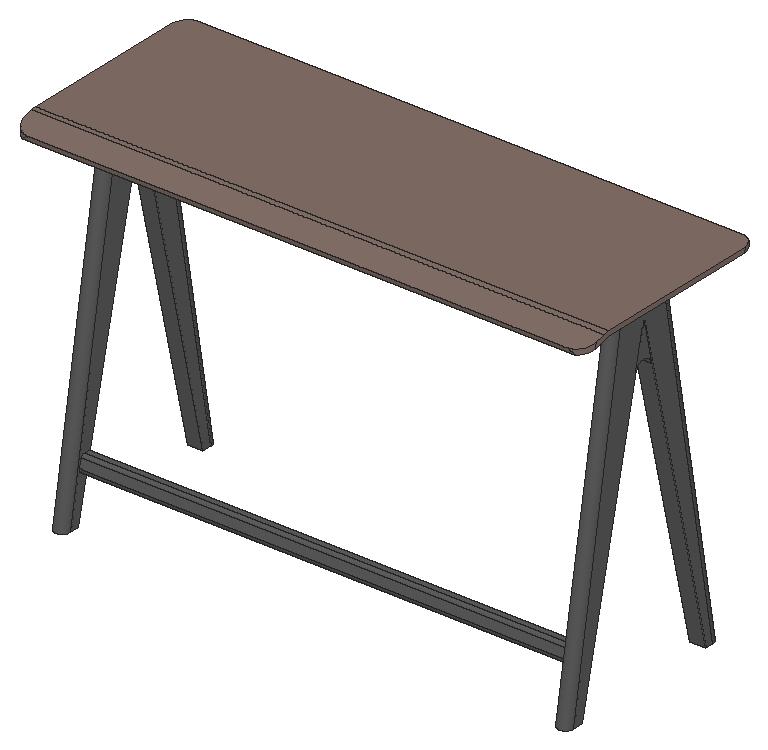
Revit family "Haworth_Immerse_LedgeTable_Rectangle", category Furniture Systems, Revit 2018
Family settings
  Round Connector Dimension = Use Diameter
  Part Type = Normal
  OmniClass Number = 23.40.70.14.64.21
  OmniClass Title = Systems Furniture
  Work Plane-Based = No
  Always vertical = Yes
  Cut with Voids When Loaded = No
  Shared = No
  Room Calculation Point = No
Parameters (values of type "22d 57w 36h")
  Warranty = "http://www.haworth.com/resources/product-info/warranties"
  Void Baseline = Actual Height - 6"  # 30"
  URL - Product = "http://www.haworth.com/products/tables/collaborative/immerse"
  Table Finish [instance] = Haworth _ Wood _ Walnut
  Support Finish [instance] = Haworth _ Wood _ Ink On Ash
  Size = "Verify Final Dim. w/ Haworth"  # constant formula
  Model = "THLD-2257"
  URL = "https://www.haworth.com/na/en.html"
  Revision Number = "1"  # constant formula
  Manufacturer = "Haworth"  # constant formula
  Description = "Haworth Immerse Ledge Table Rectangle - 22d 57w 36h"
  Author = "Haworth (Hampton)"  # constant formula
  Assembly Code = "E2020200"
  Actual Width = 57"  # constant formula
  Actual Height = 36"  # constant formula
  Actual Depth = 22"  # constant formula
Reference planes (in)
  plane 1 "Center F/B": y = -0.15866
  plane 2 "Floor": z = 0
  plane 3 "Center L/R": x = 0
  plane 4 "Table Edge Left": x = -28.5
  plane 5 "Table Edge Right": x = 28.5
  plane 6 "Table Edge Back": y = -11.15866
  plane 7 "Table Edge Front": y = 10.84134
  plane 8 "Table Top Top": z = 36
  plane 9: z = 30
Forms (in)
  Extrusion 1, solid, material "Haworth _ Wood _ Walnut" <- "Table Finish"
    sketch origin (-37.39844, 0, 0) x (0, 0, 1) y (0, -1, 0)
      loop
        line (35.5, -10.59134) -> (36, -10.59134) -> (36, 7.84658)
        arc (36, 7.84658) -> (35.98289, 8.10763) -> (35.93185, 8.36422) r 2
        line (35.93185, 8.36422) -> (35.25133, 10.90396) -> (34.76837, 10.77455) -> (35.43185, 8.29839)
        arc (35.43185, 8.29839) -> (35.48289, 8.0418) -> (35.5, 7.78075) r 2
        line (35.5, 7.78075) -> (35.5, -10.59134)
    from 8.89844 to 65.89844
  Extrusion 2, void
    sketch origin (-0.00075, 0, 37) x (-1, 0, 0) y (0, -1, 0)
      loop
        line (26.74925, -10.65463) -> (26.74925, -10.98398) -> (28.74925, -10.98398) -> (28.74925, -8.88687) -> (28.51701, -8.88687)
        arc (28.51701, -8.88687) -> (27.99925, -10.13687) -> (26.74925, -10.65463) r 1.76777
      loop
        arc (-26.74925, -10.65463) -> (-27.99925, -10.13687) -> (-28.51701, -8.88687) r 1.76777
        line (-28.51701, -8.88687) -> (-28.74925, -8.88687) -> (-28.74925, -10.98398) -> (-26.74925, -10.98398) -> (-26.74925, -10.65463)
      loop
        arc (26.74925, 10.90396) -> (27.9948, 10.43021) -> (28.51701, 9.20419) r 1.70161
        line (28.51701, 9.20419) -> (28.74925, 9.20419) -> (28.74925, 11.3013) -> (26.74925, 11.3013) -> (26.74925, 10.90396)
      loop
        line (-26.74925, 10.90396) -> (-26.74925, 11.3013) -> (-28.74925, 11.3013) -> (-28.74925, 9.20419) -> (-28.51701, 9.20419)
        arc (-28.51701, 9.20419) -> (-27.9948, 10.43021) -> (-26.74925, 10.90396) r 1.70161
    from -7 to 12
  Blend 3, solid, material "Haworth _ Wood _ Ink On Ash" <- "Support Finish"
    base sketch origin (0, -0.5511, 37.48164) x (-1, 0, 0) y (0, -1, 0)
      loop
        line (24.25, 7.37318) -> (25.8, 7.37318) -> (25.8, 8.32911)
        arc (25.8, 8.32911) -> (25.025, 9.10411) -> (24.25, 8.32911) r 0.775
        line (24.25, 8.32911) -> (24.25, 7.37318)
    top sketch origin (0, -0.5511, 37.48164) x (-1, 0, 0) y (0, -1, 0)
      loop
        line (25.8, -0.93789) -> (25.8, 2.06211)
        arc (25.8, 2.06211) -> (25.025, 2.83711) -> (24.25, 2.06211) r 0.775
        line (24.25, 2.06211) -> (24.25, -0.93789) -> (25.8, -0.93789)
    from -37.5 to -2.13128
  Blend 4, solid, material "Haworth _ Wood _ Ink On Ash" <- "Support Finish"
    base sketch origin (0, 0.21647, 37.5) x (-1, 0, 0) y (0, -1, 0)
      loop
        line (24.25, -7.37318) -> (24.25, -8.32911)
        arc (24.25, -8.32911) -> (25.025, -9.10411) -> (25.8, -8.32911) r 0.775
        line (25.8, -8.32911) -> (25.8, -7.37318) -> (24.25, -7.37318)
    top sketch origin (0, 0.21647, 37.5) x (-1, 0, 0) y (0, -1, 0)
      loop
        line (25.8, 0.93789) -> (24.25, 0.93789) -> (24.25, -2.06211)
        arc (24.25, -2.06211) -> (25.025, -2.83711) -> (25.8, -2.06211) r 0.775
        line (25.8, -2.06211) -> (25.8, 0.93789)
    from -37.5 to -2.14965
  Extrusion 5, solid, material "Haworth _ Wood _ Ink On Ash" <- "Support Finish"
    sketch origin (-37.39844, 0, 0) x (0, 0, 1) y (0, -1, 0)
      loop
        line (32.73655, 0.15866) -> (28.43763, 1.08668)
        arc (28.43763, 1.08668) -> (29.18669, 0.15866) -> (28.43763, -0.76936) r 0.94939
        line (28.43763, -0.76936) -> (32.73655, 0.15866)
    from 11.59844 to 13.14844
  Blend 6, solid, material "Haworth _ Wood _ Ink On Ash" <- "Support Finish"
    base sketch origin (0, -0.5, 37.5) x (1, 0, 0) y (0, 1, 0)
      loop
        line (24.25, -7.37318) -> (24.25, -8.32911)
        arc (24.25, -8.32911) -> (25.025, -9.10411) -> (25.8, -8.32911) r 0.775
        line (25.8, -8.32911) -> (25.8, -7.37318) -> (24.25, -7.37318)
    top sketch origin (0, -0.5, 37.5) x (1, 0, 0) y (0, 1, 0)
      loop
        line (25.8, 0.93789) -> (24.25, 0.93789) -> (24.25, -2.06211)
        arc (24.25, -2.06211) -> (25.025, -2.83711) -> (25.8, -2.06211) r 0.775
        line (25.8, -2.06211) -> (25.8, 0.93789)
    from -37.5 to -2.14965
  Blend 7, solid, material "Haworth _ Wood _ Ink On Ash" <- "Support Finish"
    base sketch origin (0, 0.18268, 37.5) x (1, 0, 0) y (0, 1, 0)
      loop
        line (24.25, 7.37318) -> (25.8, 7.37318) -> (25.8, 8.32911)
        arc (25.8, 8.32911) -> (25.025, 9.10411) -> (24.25, 8.32911) r 0.775
        line (24.25, 8.32911) -> (24.25, 7.37318)
    top sketch origin (0, 0.18268, 37.5) x (1, 0, 0) y (0, 1, 0)
      loop
        line (25.8, -0.93789) -> (25.8, 2.06211)
        arc (25.8, 2.06211) -> (25.025, 2.83711) -> (24.25, 2.06211) r 0.775
        line (24.25, 2.06211) -> (24.25, -0.93789) -> (25.8, -0.93789)
    from -37.5 to -2.14965
  Extrusion 8, solid, material "Haworth _ Wood _ Ink On Ash" <- "Support Finish"
    sketch origin (37.39844, 0, 0) x (0, 0, 1) y (0, 1, 0)
      loop
        line (32.73655, -0.15866) -> (28.43763, 0.76936)
        arc (28.43763, 0.76936) -> (29.18669, -0.15866) -> (28.43763, -1.08668) r 0.94939
        line (28.43763, -1.08668) -> (32.73655, -0.15866)
    from 11.59844 to 13.14844
  Extrusion 9, solid, material "Haworth _ Wood _ Ink On Ash" <- "Support Finish"
    sketch origin (-37.39844, -0.5, 0) x (0, 0, 1) y (0, -1, 0)
      loop
        arc (6.32908, 6.76472) -> (6.25485, 6.98874) -> (6.0615, 7.12405) r 0.375
        line (6.0615, 7.12405) -> (5.23652, 7.3707)
        arc (5.23652, 7.3707) -> (4.90513, 7.31218) -> (4.75411, 7.01145) r 0.375
        line (4.75411, 7.01145) -> (4.75404, 6.40426) -> (4.87404, 6.40425) -> (4.87411, 7.01815)
        arc (4.87411, 7.01815) -> (4.97479, 7.21864) -> (5.19572, 7.25765) r 0.25
        line (5.19572, 7.25765) -> (6.03069, 7.00801)
        arc (6.03069, 7.00801) -> (6.15959, 6.91781) -> (6.20908, 6.76846) r 0.25
        line (6.20908, 6.76846) -> (6.209, 6.0741) -> (6.329, 6.07408) -> (6.32908, 6.76472)
    from 13.14844 to 61.64844
  Extrusion 10, solid, material "Haworth _ Wood _ Ink On Ash" <- "Support Finish"
    sketch origin (-37.39844, 0, 0) x (0, 0, 1) y (0, -1, 0)
      loop
        line (35.35035, 1.53707) -> (32.05975, 0.65536)
        arc (32.05975, 0.65536) -> (31.679, 0.15916) -> (32.05975, -0.33704) r 0.5137
        line (32.05975, -0.33704) -> (35.35035, -1.21875) -> (35.35035, -6.35696) -> (35.5, -6.35696) -> (35.5, 6.67428) -> (35.35035, 6.67428) -> (35.35035, 1.53707)
    from 13.14844 to 61.64844
Cuts and joins
  Extrusion 2 cuts Extrusion 1
  joined: Blend 3, Blend 4, Extrusion 5
  joined: Blend 6, Blend 7, Extrusion 8
Lines and regions (in)
  Masking region 1
    outline origin (0, 0, 27) x (0, -1, 0) y (1, 0, 0)
      loop
        arc (-10.84134, -26.5) -> (-10.25555, -27.91421) -> (-8.84134, -28.5) r 2
        line (-8.84134, -28.5) -> (9.15866, -28.5)
        arc (9.15866, -28.5) -> (10.57287, -27.91421) -> (11.15866, -26.5) r 2
        line (11.15866, -26.5) -> (11.15866, 26.5)
        arc (11.15866, 26.5) -> (10.57287, 27.91421) -> (9.15866, 28.5) r 2
        line (9.15866, 28.5) -> (-8.84134, 28.5)
        arc (-8.84134, 28.5) -> (-10.25555, 27.91421) -> (-10.84134, 26.5) r 2
        line (-10.84134, 26.5) -> (-10.84134, -26.5)
  symbolic lines, style "Haworth Hidden", detail levels fine
    curve 1: line (-24.25, -6.57408, 37.5) -> (24.25, -6.57408, 37.5)
    curve 2: line (-24.25, 8.51179, 37.5) -> (-24.25, -8.82911, 37.5)
    curve 3: arc (-25.8, 8.51179, 37.5) -> (-25.025, 9.28679, 37.5) -> (-24.25, 8.51179, 37.5) r 0.775
    curve 4: arc (-24.25, -8.82911, 37.5) -> (-25.025, -9.60411, 37.5) -> (-25.8, -8.82911, 37.5) r 0.775
    curve 5: line (-25.8, 8.51179, 37.5) -> (-25.8, -8.82911, 37.5)
    curve 6: line (24.25, 8.51179, 37.5) -> (24.25, -8.82911, 37.5)
    curve 7: arc (25.8, 8.51179, 37.5) -> (25.025, 9.28679, 37.5) -> (24.25, 8.51179, 37.5) r 0.775
    curve 8: arc (24.25, -8.82911, 37.5) -> (25.025, -9.60411, 37.5) -> (25.8, -8.82911, 37.5) r 0.775
    curve 9: line (25.8, 8.51179, 37.5) -> (25.8, -8.82911, 37.5)
    curve 10: line (-24.25, -7.57408, 37.5) -> (24.25, -7.57408, 37.5)
Dimensions and locks (in)
  "Actual Depth": plane 7 "Table Edge Front" to plane 6 "Table Edge Back"
  "Actual Width": plane 4 "Table Edge Left" to plane 5 "Table Edge Right"
  equal spacing: plane 4 "Table Edge Left", plane 3 "Center L/R", plane 5 "Table Edge Right"
  equal spacing: plane 7 "Table Edge Front", plane 1 "Center F/B", plane 6 "Table Edge Back"
  "Actual Height": plane 8 "Table Top Top" to level
  "Void Baseline": plane 9 to level
  aligned and locked: plane 6 "Table Edge Back" to Masking region 1 sketch curve
  aligned and locked: plane 4 "Table Edge Left" to Masking region 1 sketch curve
  aligned and locked: Masking region 1 sketch curve to plane 7 "Table Edge Front"
  aligned and locked: Masking region 1 sketch curve to plane 5 "Table Edge Right"
  aligned and locked: plane 5 "Table Edge Right" to Extrusion 1
  aligned and locked: Extrusion 1 to plane 4 "Table Edge Left"
  aligned and locked: Extrusion 2 to plane 9
  aligned and locked: cut or joined group of Blend 6, Blend 7, Extrusion 8 to Extrusion 10
  aligned and locked: cut or joined group of Blend 3, Blend 4, Extrusion 5 to Extrusion 10
Automatic sketch dimensions
  plane 8 "Table Top Top" to Extrusion 1 sketch curve = 0"
  plane 8 "Table Top Top" to Extrusion 1 sketch curve = 0.06815"
  Extrusion 1 sketch curve to Extrusion 1 sketch curve = 1/2"  (x3)
  plane 6 "Table Edge Back" to Extrusion 1 sketch curve = 0.2547"
  plane 8 "Table Top Top" to Extrusion 1 sketch curve = 0.74867"
  plane 6 "Table Edge Back" to Extrusion 1 sketch curve = 0.38411"
  Extrusion 1 sketch curve to Extrusion 1 sketch curve = 0.48296"
  Extrusion 1 sketch curve to Extrusion 1 sketch curve = 1.43185"
  Extrusion 1 sketch curve to plane 7 "Table Edge Front" = 1/4"
  Extrusion 5 sketch curve to plane 1 "Center F/B" = 0"  (x2)
  plane 8 "Table Top Top" to Extrusion 5 sketch curve = 7.7627"
  Extrusion 5 sketch curve to plane 1 "Center F/B" = 0.92802"
  Extrusion 5 sketch curve to Extrusion 5 sketch curve = 0.20033"
  plane 1 "Center F/B" to Extrusion 5 sketch curve = 0.92802"
  plane 8 "Table Top Top" to Extrusion 5 sketch curve = 3.26345"
  Extrusion 8 sketch curve to plane 1 "Center F/B" = 0"  (x2)
  plane 8 "Table Top Top" to Extrusion 8 sketch curve = 7.7627"
  Extrusion 8 sketch curve to plane 1 "Center F/B" = 0.92802"
  Extrusion 8 sketch curve to Extrusion 8 sketch curve = 0.20033"
  plane 1 "Center F/B" to Extrusion 8 sketch curve = 0.92802"
  plane 8 "Table Top Top" to Extrusion 8 sketch curve = 3.26345"
  level to Extrusion 9 sketch curve = 4.75404"
  Extrusion 9 sketch curve to Extrusion 9 sketch curve = 0.12"  (x4)
  Extrusion 9 sketch curve to Extrusion 9 sketch curve = 0.00007"
  Extrusion 9 sketch curve to Extrusion 9 sketch curve = 1/4"  (x2)
  Extrusion 9 sketch curve to Extrusion 9 sketch curve = 0.005"  (x2)
  Extrusion 9 sketch curve to Extrusion 9 sketch curve = 0.07161"  (x2)
  Extrusion 9 sketch curve to Extrusion 9 sketch curve = 0.82497"
  plane 6 "Table Edge Back" to Extrusion 9 sketch curve = 3.53461"
  Extrusion 9 sketch curve to Extrusion 9 sketch curve = 0.03081"
  Extrusion 9 sketch curve to Extrusion 9 sketch curve = 0.25492"
  plane 6 "Table Edge Back" to Extrusion 9 sketch curve = 3.89394"
  Extrusion 9 sketch curve to Extrusion 9 sketch curve = 0.36051"
  Extrusion 9 sketch curve to Extrusion 9 sketch curve = 0"  (x2)
  Extrusion 9 sketch curve to Extrusion 9 sketch curve = 0.69063"
  Extrusion 9 sketch curve to Extrusion 9 sketch curve = 0.00374"
  Extrusion 9 sketch curve to Extrusion 9 sketch curve = 0.00372"
  Extrusion 9 sketch curve to Extrusion 9 sketch curve = 0.60717"
  Extrusion 9 sketch curve to Extrusion 9 sketch curve = 0.00671"
  Extrusion 9 sketch curve to Extrusion 9 sketch curve = 0.00003"
  Extrusion 9 sketch curve to Extrusion 9 sketch curve = 0.04081"
  Extrusion 9 sketch curve to Extrusion 9 sketch curve = 0.0067"
  plane 1 "Center F/B" to Extrusion 10 sketch curve = 0.4967"
  plane 8 "Table Top Top" to Extrusion 10 sketch curve = 3.94025"
  Extrusion 10 sketch curve to plane 1 "Center F/B" = 0.4957"
  Extrusion 10 sketch curve to Extrusion 10 sketch curve = 0"
  Extrusion 10 sketch curve to Extrusion 10 sketch curve = 0.13296"
  plane 8 "Table Top Top" to Extrusion 10 sketch curve = 0.64965"  (x2)
  Extrusion 10 sketch curve to Extrusion 10 sketch curve = 0.14965"
  Extrusion 10 sketch curve to plane 1 "Center F/B" = 1.37741"
  Extrusion 10 sketch curve to plane 7 "Table Edge Front" = 4 31/64"
  plane 1 "Center F/B" to Extrusion 10 sketch curve = 1.37841"
  plane 6 "Table Edge Back" to Extrusion 10 sketch curve = 4 31/64"
  Masking region 1 sketch curve to Masking region 1 sketch curve = 2"
  plane 4 "Table Edge Left" to Masking region 1 sketch curve = 2"
  plane 6 "Table Edge Back" to Masking region 1 sketch curve = 2"  (x2)
  plane 5 "Table Edge Right" to Extrusion 2 sketch curve = 0.24849"  (x2)
  plane 5 "Table Edge Right" to Extrusion 2 sketch curve = 0.01626"  (x2)
  Extrusion 2 sketch curve to plane 5 "Table Edge Right" = 1.68535"
  Extrusion 2 sketch curve to plane 7 "Table Edge Front" = 0.18671"  (x2)
  Extrusion 2 sketch curve to plane 5 "Table Edge Right" = 1.75151"  (x2)
  Extrusion 2 sketch curve to plane 6 "Table Edge Back" = 0.14264"  (x2)
  plane 4 "Table Edge Left" to Extrusion 2 sketch curve = 1 3/4"  (x2)
  plane 7 "Table Edge Front" to Extrusion 2 sketch curve = 0.14264"  (x2)
  plane 4 "Table Edge Left" to Extrusion 2 sketch curve = 1.68384"
  Extrusion 2 sketch curve to plane 4 "Table Edge Left" = 0.01777"  (x2)
  Extrusion 2 sketch curve to plane 4 "Table Edge Left" = 1/4"
  Extrusion 2 sketch curve to Extrusion 2 sketch curve = 0.23223"
  plane 6 "Table Edge Back" to Extrusion 2 sketch curve = 1.95502"  (x2)
  Extrusion 2 sketch curve to Extrusion 2 sketch curve = 0.00055"  (x2)
  plane 4 "Table Edge Left" to Blend 3 sketch curve = 4 1/4"  (x2)
  Blend 3 sketch curve to Blend 3 sketch curve = 0.775"  (x2)
  plane 6 "Table Edge Back" to Blend 3 sketch curve = 3 15/64"
  Blend 3 sketch curve to Blend 3 sketch curve = 0.95593"
  Blend 3 sketch curve to plane 1 "Center F/B" = 0.54545"
  plane 1 "Center F/B" to Blend 3 sketch curve = 2.45455"
  plane 4 "Table Edge Left" to Blend 4 sketch curve = 4 1/4"  (x2)
  Blend 4 sketch curve to Blend 4 sketch curve = 0.775"  (x2)
  Blend 4 sketch curve to plane 7 "Table Edge Front" = 2.29576"
  Blend 4 sketch curve to Blend 4 sketch curve = 0.95593"
  plane 1 "Center F/B" to Blend 4 sketch curve = 0.56276"
  Blend 4 sketch curve to plane 1 "Center F/B" = 2.43724"
  Blend 6 sketch curve to plane 5 "Table Edge Right" = 4 1/4"  (x2)
  Blend 6 sketch curve to Blend 6 sketch curve = 0.775"  (x2)
  plane 6 "Table Edge Back" to Blend 6 sketch curve = 2.32955"
  Blend 6 sketch curve to Blend 6 sketch curve = 0.95593"
  Blend 6 sketch curve to plane 1 "Center F/B" = 0.59655"
  plane 1 "Center F/B" to Blend 6 sketch curve = 2.40345"
  Blend 7 sketch curve to plane 5 "Table Edge Right" = 4 1/4"  (x2)
  Blend 7 sketch curve to Blend 7 sketch curve = 0.775"  (x2)
  Blend 7 sketch curve to plane 7 "Table Edge Front" = 3.28548"
  Blend 7 sketch curve to Blend 7 sketch curve = 0.95593"
  plane 1 "Center F/B" to Blend 7 sketch curve = 0.59655"
  Blend 7 sketch curve to plane 1 "Center F/B" = 2.40345"
  curve 9 to plane 5 "Table Edge Right" = 2.7"
  curve 9 to curve 8 = 0.775"
  plane 4 "Table Edge Left" to curve 2 = 4 1/4"
  curve 3 to curve 3 = 0.775"
  curve 6 to plane 7 "Table Edge Front" = 2.32955"
  curve 2 to plane 7 "Table Edge Front" = 2.32955"
  plane 6 "Table Edge Back" to curve 4 = 2.32955"
  plane 6 "Table Edge Back" to curve 6 = 2.32955"
  curve 1 to curve 6 = 2.25503"
  curve 1 to curve 10 = 1"
